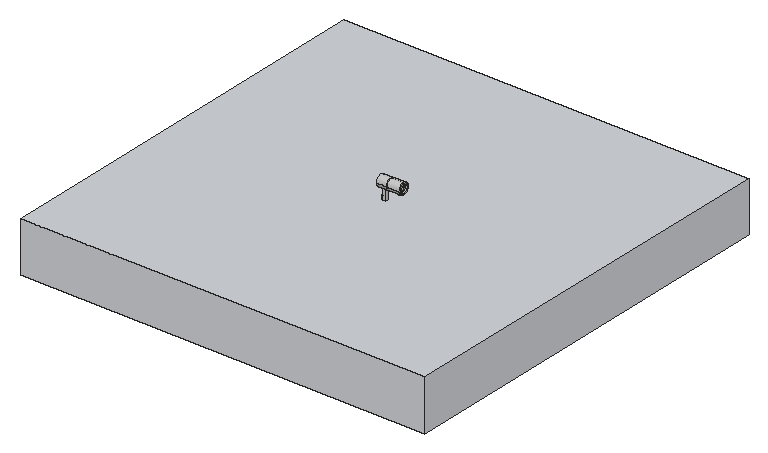
Revit family "LAMP_HANCE 48V 1000-2000 MEDIUM FLOOD DALI", category Luminarias, Revit 2015
Parameters (values of type "685LM 2700 MEDIUM FLOOD BLACK")
  Weight = 0.435 kg
  Type = "COB PHILIPS"
  Tilting angle [instance] = 90.00°
  Tilting [instance] = if(Tilting angle < 0.00°, 0.00°, if(Tilting angle > 90.00°, 90.00°, Tilting angle))  # 90.00°
  Rotation angle [instance] = 90.00°
  Protection rating = "IP20"
  Product datasheet = "http://www.lamp.es/product-files/TECH/HS1TL10MF827DBB-EN.pdf"
  Product code = "HS1TL10MF827DBB"
  Product URL = "https://www.lamp.es/en/family/hance-48v_195581"
  Power Supply = "48V DC"
  Power = 9 W
  Plum = 9.4 W
  Photometric web file = Cuerpo Hance 48V BASE 1000_2000 (tilting)_MF : 685LM 2700 MEDIUM FLOOD BLACK
  Modelo = Product code  # "HS1TL10MF827DBB"
  Model explanation = "Availability of tilting between 0º and 90º, rotation between 0º and 355º and change ring color when placed in a project."
  Material tija = LAMP_Aluminio Hance Negro
  Manufacturer name = "LAMP"
  Manufacturer country = "Spain"
  Manufacturer URL = "http://www.lamp.es/en"
  MacAdam = "3"
  Luminaire type = "Indoor - Spotlight"
  Last update = "02/04/2019"
  Lamp = "COB LED"
  LED Lifetime = "50.000 L90 B10"
  Insulation class = "III"
  Installation instructions = "https://www.lamp.es/product-files/INS/1004290-B-INSTR.%20DE%20MONTAJE%20HANCE%2048V.pdf"
  Initial intensity = 685 lm
  Initial color = 2700 K
  IEE = "A+"
  Height = 135 mm
  Gear = "Adjustable DALI"
  Finish = "RAL9011 textured"
  Fabricante = Manufacturer name  # "LAMP"
  Default Elevation = 1219.2 mm
  Efficacy = 73 lm/W
  Diameter = 65 mm
  Descripción = "HANCE TRACK 48 1000 VWW MFL DALI BK."
  Decorative ring [instance] = Aro decorativo 48V (tilting) (1000-2000) : Black
  Comentarios de tipo = Model explanation  # "Availability of tilting between 0º and 90º, rotation between 0º and 355º and change ring color when placed in a project."
  CRI = "80"
Types (12, lengths in mm): name | Product datasheet | Product code | Power | Plum | Photometric web file | Modelo | Material tija | LED Lifetime | Initial intensity | Initial color | Finish | Efficacy | Descripción
  685LM 2700 MEDIUM FLOOD BLACK | "http://www.lamp.es/product-files/TECH/HS1TL10MF827DBB-EN.pdf" | "HS1TL10MF827DBB" | 9 W | 9.4 W | Cuerpo Hance 48V BASE 1000_2000 (tilting)_MF : 685LM 2700 MEDIUM FLOOD BLACK | "HS1TL10MF827DBB" | LAMP_Aluminio Hance Negro | "50.000 L90 B10" | 685 lm | 2700 K | "RAL9011 textured" | 73 lm/W | "HANCE TRACK 48 1000 VWW MFL DALI BK."
  685LM 2700 MEDIUM FLOOD WHITE | "http://www.lamp.es/product-files/TECH/HS1TL10MF827DBW-EN.pdf" | "HS1TL10MF827DBW" | 9 W | 9.4 W | Cuerpo Hance 48V BASE 1000_2000 (tilting)_MF : 685LM 2700 MEDIUM FLOOD WHITE | "HS1TL10MF827DBW" | LAMP_Aluminio Hance Blanco | "50.000 L90 B10" | 685 lm | 2700 K | "RAL9010 textured" | 73 lm/W | "HANCE TRACK 48 1000 VWW MFL DALI WH."
  699LM 3000 MEDIUM FLOOD BLACK | "http://www.lamp.es/product-files/TECH/HS1TL10MF830DBB-EN.pdf" | "HS1TL10MF830DBB" | 9 W | 9.4 W | Cuerpo Hance 48V BASE 1000_2000 (tilting)_MF : 699LM 3000 MEDIUM FLOOD BLACK | "HS1TL10MF830DBB" | LAMP_Aluminio Hance Negro | "50.000 L90 B10" | 699 lm | 3000 K | "RAL9011 textured" | 74 lm/W | "HANCE TRACK 48 1000 WW MFL DALI BK."
  699LM 3000 MEDIUM FLOOD WHITE | "http://www.lamp.es/product-files/TECH/HS1TL10MF830DBW-EN.pdf" | "HS1TL10MF830DBW" | 9 W | 9.4 W | Cuerpo Hance 48V BASE 1000_2000 (tilting)_MF : 699LM 3000 MEDIUM FLOOD WHITE | "HS1TL10MF830DBW" | LAMP_Aluminio Hance Blanco | "50.000 L90 B10" | 699 lm | 3000 K | "RAL9010 textured" | 74 lm/W | "HANCE TRACK 48 1000 WW MFL DALI WH."
  740LM 4000 MEDIUM FLOOD BLACK | "http://www.lamp.es/product-files/TECH/HS1TL10MF840DBB-EN.pdf" | "HS1TL10MF840DBB" | 9 W | 9.4 W | Cuerpo Hance 48V BASE 1000_2000 (tilting)_MF : 740LM 4000 MEDIUM FLOOD BLACK | "HS1TL10MF840DBB" | LAMP_Aluminio Hance Negro | "50.000 L90 B10" | 740 lm | 4000 K | "RAL9011 textured" | 79 lm/W | "HANCE TRACK 48 1000 NW MFL DALI BK."
  740LM 4000 MEDIUM FLOOD WHITE | "http://www.lamp.es/product-files/TECH/HS1TL10MF840DBW-EN.pdf" | "HS1TL10MF840DBW" | 9 W | 9.4 W | Cuerpo Hance 48V BASE 1000_2000 (tilting)_MF : 740LM 4000 MEDIUM FLOOD WHITE | "HS1TL10MF840DBW" | LAMP_Aluminio Hance Blanco | "50.000 L90 B10" | 740 lm | 4000 K | "RAL9010 textured" | 79 lm/W | "HANCE TRACK 48 1000 NW MFL DALI WH."
  1487LM 2700 MEDIUM FLOOD BLACK | "http://www.lamp.es/product-files/TECH/HS1TL20MF827DBB-EN.pdf" | "HS1TL20MF827DBB" | 18 W | 16.9 W | Cuerpo Hance 48V BASE 1000_2000 (tilting)_MF : 1487LM 2700 MEDIUM FLOOD BLACK | "HS1TL20MF827DBB" | LAMP_Aluminio Hance Negro | "50.000 L80 B10" | 1487 lm | 2700 K | "RAL9011 textured" | 88 lm/W | "HANCE TRACK 48 2000 VWW MFL DALI BK."
  1487LM 2700 MEDIUM FLOOD WHITE | "http://www.lamp.es/product-files/TECH/HS1TL20MF827DBW-EN.pdf" | "HS1TL20MF827DBW" | 18 W | 16.9 W | Cuerpo Hance 48V BASE 1000_2000 (tilting)_MF : 1487LM 2700 MEDIUM FLOOD WHITE | "HS1TL20MF827DBW" | LAMP_Aluminio Hance Blanco | "50.000 L80 B10" | 1487 lm | 2700 K | "RAL9010 textured" | 88 lm/W | "HANCE TRACK 48 2000 VWW MFL DALI WH."
  1517LM 3000 MEDIUM FLOOD BLACK | "http://www.lamp.es/product-files/TECH/HS1TL20MF830DBB-EN.pdf" | "HS1TL20MF830DBB" | 18 W | 16.9 W | Cuerpo Hance 48V BASE 1000_2000 (tilting)_MF : 1517LM 3000 MEDIUM FLOOD BLACK | "HS1TL20MF830DBB" | LAMP_Aluminio Hance Negro | "50.000 L80 B10" | 1517 lm | 3000 K | "RAL9011 textured" | 90 lm/W | "HANCE TRACK 48 2000 WW MFL DALI BK."
  1517LM 3000 MEDIUM FLOOD WHITE | "http://www.lamp.es/product-files/TECH/HS1TL20MF830DBW-EN.pdf" | "HS1TL20MF830DBW" | 18 W | 16.9 W | Cuerpo Hance 48V BASE 1000_2000 (tilting)_MF : 1517LM 3000 MEDIUM FLOOD WHITE | "HS1TL20MF830DBW" | LAMP_Aluminio Hance Blanco | "50.000 L80 B10" | 1517 lm | 3000 K | "RAL9010 textured" | 90 lm/W | "HANCE TRACK 48 2000 WW MFL DALI WH."
  1607LM 4000 MEDIUM FLOOD BLACK | "http://www.lamp.es/product-files/TECH/HS1TL20MF840DBB-EN.pdf" | "HS1TL20MF840DBB" | 18 W | 16.9 W | Cuerpo Hance 48V BASE 1000_2000 (tilting)_MF : 1607LM 4000 MEDIUM FLOOD BLACK | "HS1TL20MF840DBB" | LAMP_Aluminio Hance Negro | "50.000 L80 B10" | 1607 lm | 4000 K | "RAL9011 textured" | 95 lm/W | "HANCE TRACK 48 2000 NW MFL DALI BK."
  1607LM 4000 MEDIUM FLOOD WHITE | "http://www.lamp.es/product-files/TECH/HS1TL20MF840DBW-EN.pdf" | "HS1TL20MF840DBW" | 18 W | 16.9 W | Cuerpo Hance 48V BASE 1000_2000 (tilting)_MF : 1607LM 4000 MEDIUM FLOOD WHITE | "HS1TL20MF840DBW" | LAMP_Aluminio Hance Blanco | "50.000 L80 B10" | 1607 lm | 4000 K | "RAL9010 textured" | 95 lm/W | "HANCE TRACK 48 2000 NW MFL DALI WH."
Reference planes
  plane 1 "Centro (Frontal/Posterior)": y = 0
  plane 2: z = 0
  plane 3 "Centro (Izquierda/Derecha)": x = 0
Forms (mm)
  Extrusion 1, solid
    sketch origin (0, 0, 0) x (1, 0, 0) y (0, 1, 0)
      loop
        line (-1219.2, 1219.2) -> (-1219.2, -1219.2) -> (1219.2, -1219.2) -> (1219.2, 1219.2) -> (-1219.2, 1219.2)
    from 0 to -304.8
Lines and regions (mm)
  reference lines
    curve 1: line (0, 0, 0) -> (35, 0, 0)
Text (mm)
  text "Any modification of the parameters and properties of the LAMP BIM models must be executed and validated by the LAMP technical department.\n\nPhone: +34 93 736 68 00\n\nE-mail: lamp@lamp.es\n\n\n\nLAMP reserves the right to modify the technical specifications of its products." at (-20834.097, 15882.061, -4447.286), in view "Preview"
Dimensions and locks
  "Rotation angle": angle curve 1 to plane 3 "Centro (Izquierda/Derecha)"
  aligned and locked: plane 2 to Extrusion 1
  aligned and locked: level to Extrusion 1
  aligned and locked: plane 3 "Centro (Izquierda/Derecha)" to curve 1
  aligned and locked: plane 1 "Centro (Frontal/Posterior)" to curve 1
Automatic sketch dimensions
  Extrusion 1 sketch curve to Extrusion 1 sketch curve = 2438.4 mm  (x2)
Nested families
  nested 1: "Tija 48V (1000-2000)" at (4.1, 0, 0), type "Tija 48V"
  nested 2: "Cuerpo Hance 48V BASE 1000_2000 (tilting)_MF" at (1.081, -1.967, 77.249) x (1, 0, 0) z (0, 0, -1), type <- "Photometric web file", type "685LM 2700 MEDIUM FLOOD BLACK"
  nested 3: "Aro decorativo 48V (tilting) (1000-2000)" at (57.856, 0, 77.274) x (0, 0, 1) z (1, 0, 0), type <- "Decorative ring", type "Black"
    with Tilting 0.00°
Definition of nested family "Tija 48V (1000-2000)"
  Parameters (values of type "Tija 48V")
    Profundidad tija = 18 mm
    Material tija = none
    Default Elevation = 1219.2 mm
    Diametro vaciado redondo = if(Anchura tija = 20 mm, 10 mm, 7.5 mm)  # 10 mm
    Anchura tija = 20 mm
    Profundo vaciado = if(Profundidad tija = 18 mm, 10.8 mm, 1 mm)  # 10.8 mm
    Ancho vaciado = Anchura tija  # 20 mm
    Altura tija = 88.5 mm
  Reference planes
    plane 1 "Centro (Frontal/Posterior)": y = 0
    plane 2: z = 0
    plane 3 "Centro (Izquierda/Derecha)": x = 0
  Forms (mm)
    Extrusion 1, solid
      sketch origin (0, 0, 0) x (1, 0, 0) y (0, 1, 0)
        loop
          line (-1219.2, 1219.2) -> (-1219.2, -1219.2) -> (1219.2, -1219.2) -> (1219.2, 1219.2) -> (-1219.2, 1219.2)
      from 0 to -304.8
    Extrusion 2, solid, material <- "Material tija"
      sketch origin (0, 0, -18) x (1, 0, 0) y (0, 0, 1)
        loop
          line (13.9, 18) -> (13.9, 106.5) -> (-6.297, 106.5)
          arc (-6.297, 106.5) -> (-12.297, 100.5) -> (-6.297, 94.5) r 6
          line (-6.297, 94.5) -> (-4.1, 94.5) -> (-4.1, 40) -> (-18.142, 40) -> (-18.142, 18) -> (-4.1, 18) -> (13.9, 18)
      from -10 to 10
    Extrusion 3, void
      sketch origin (10.8, -11.5, 0) x (-1, 0, 0) y (0, 1, 0)
        loop
          line (0, 21.5) -> (-28.341, 21.5) -> (-28.341, 1.5) -> (0, 1.5)
          arc (0, 1.5) -> (-1.264, 11.5) -> (0, 21.5) r 40.201
      from -132.265 to 0
    Extrusion 4, void
      sketch origin (27.648, 0, 0) x (1, 0, 0) y (0, 1, 0)
        loop
          line (-31.748, 10) -> (-31.748, 20) -> (-61.648, 20) -> (-61.648, -18.394) -> (-31.748, -18.394) -> (-31.748, -10)
          arc (-31.748, -10) -> (-41.748, 0) -> (-31.748, 10) r 10
      from 0 to 22
    Extrusion 5, void
      sketch origin (0, 0, 0) x (1, 0, 0) y (0, 0, 1)
        loop
          circle (-7.621, 82.5) r 3.125
        loop
          circle (-7.621, 46.9) r 3.125
      from -21.347 to 27.483
  Cuts and joins
    Extrusion 3, Extrusion 4, Extrusion 5 cuts Extrusion 2
  Lines and regions (mm)
    reference lines
      curve 1: line (10.8, -11.5, 0) -> (10.8, 11.5, 0)
  Dimensions and locks
    equal spacing: cut or joined group of Extrusion 2, Extrusion 3, Extrusion 4, Extrusion 5, plane 1 "Centro (Frontal/Posterior)", cut or joined group of Extrusion 2, Extrusion 3, Extrusion 4, Extrusion 5
    "Anchura tija": cut or joined group of Extrusion 2, Extrusion 3, Extrusion 4, Extrusion 5 to cut or joined group of Extrusion 2, Extrusion 3, Extrusion 4, Extrusion 5
    plane 1 "Centro (Frontal/Posterior)" to Extrusion 3 sketch curve = 10 mm
    "Altura tija": Extrusion 2 sketch curve to Extrusion 2 sketch curve
    "Profundidad tija": cut or joined group of Extrusion 2, Extrusion 3, Extrusion 4, Extrusion 5 to cut or joined group of Extrusion 2, Extrusion 3, Extrusion 4, Extrusion 5
    locked: cut or joined group of Extrusion 2, Extrusion 3, Extrusion 4, Extrusion 5 to plane 3 "Centro (Izquierda/Derecha)" at 4.1
    locked: plane 3 "Centro (Izquierda/Derecha)" to Extrusion 3 sketch curve at 39.141
    "Profundo vaciado": plane 3 "Centro (Izquierda/Derecha)" to curve 1
    "Ancho vaciado": Extrusion 3 sketch curve to Extrusion 3 sketch curve
    equal spacing: Extrusion 3 sketch curve, plane 1 "Centro (Frontal/Posterior)", Extrusion 3 sketch curve
    "Diametro vaciado redondo": radius of Extrusion 4 sketch curve
    aligned and locked: plane 2 to Extrusion 1
    aligned and locked: level to Extrusion 1
  Automatic sketch dimensions
    Extrusion 1 sketch curve to Extrusion 1 sketch curve = 2438.4 mm  (x2)
    Extrusion 5 sketch curve to plane 3 "Centro (Izquierda/Derecha)" = 7.621 mm  (x2)
    level to Extrusion 5 sketch curve = 46.9 mm
    Extrusion 5 sketch curve to Extrusion 5 sketch curve = 35.6 mm
    Extrusion 5 sketch curve to Extrusion 5 sketch curve = 3.125 mm  (x2)
    Extrusion 2 sketch curve to level = 0 mm
    Extrusion 2 sketch curve to plane 3 "Centro (Izquierda/Derecha)" = 18.142 mm
    Extrusion 2 sketch curve to plane 3 "Centro (Izquierda/Derecha)" = 6.297 mm
    Extrusion 2 sketch curve to plane 3 "Centro (Izquierda/Derecha)" = 4.1 mm  (x2)
    plane 3 "Centro (Izquierda/Derecha)" to Extrusion 2 sketch curve = 13.9 mm
    level to Extrusion 2 sketch curve = 22 mm
    Extrusion 2 sketch curve to Extrusion 2 sketch curve = 12 mm
    plane 1 "Centro (Frontal/Posterior)" to curve 1 = 11.5 mm
    curve 1 to plane 1 "Centro (Frontal/Posterior)" = 11.5 mm
    Extrusion 3 sketch curve to curve 1 = 0 mm  (x2)
    curve 1 to Extrusion 3 sketch curve = 38.937 mm
    plane 1 "Centro (Frontal/Posterior)" to Extrusion 4 sketch curve = 0 mm
    Extrusion 4 sketch curve to plane 3 "Centro (Izquierda/Derecha)" = 34 mm
    Extrusion 4 sketch curve to plane 3 "Centro (Izquierda/Derecha)" = 4.1 mm
    plane 1 "Centro (Frontal/Posterior)" to Extrusion 4 sketch curve = 18.394 mm
    Extrusion 4 sketch curve to Extrusion 4 sketch curve = 10 mm
Definition of nested family "Cuerpo Hance 48V BASE 1000_2000 (tilting)_MF"
  Parameters (values of type "685LM 2700 MEDIUM FLOOD BLACK")
    Tilting = 90.00°
    Photometric web file = Cuerpo Hance 48V BASE 1000_2000_MF : 685LM 2700 MEDIUM FLOOD BLACK
    Longitud cuerpo = 135 mm
    Default Elevation = 1219.2 mm
  Types (13, lengths in mm): name | Photometric web file
    (no name) | Cuerpo Hance 48V BASE 1000_2000_MF : 685LM 2700 MEDIUM FLOOD BLACK
    685LM 2700 MEDIUM FLOOD BLACK | Cuerpo Hance 48V BASE 1000_2000_MF : 685LM 2700 MEDIUM FLOOD BLACK
    685LM 2700 MEDIUM FLOOD WHITE | Cuerpo Hance 48V BASE 1000_2000_MF : 685LM 2700 MEDIUM FLOOD WHITE
    699LM 3000 MEDIUM FLOOD BLACK | Cuerpo Hance 48V BASE 1000_2000_MF : 699LM 3000 MEDIUM FLOOD BLACK
    699LM 3000 MEDIUM FLOOD WHITE | Cuerpo Hance 48V BASE 1000_2000_MF : 699LM 3000 MEDIUM FLOOD WHITE
    740LM 4000 MEDIUM FLOOD BLACK | Cuerpo Hance 48V BASE 1000_2000_MF : 740LM 4000 MEDIUM FLOOD BLACK
    740LM 4000 MEDIUM FLOOD WHITE | Cuerpo Hance 48V BASE 1000_2000_MF : 740LM 4000 MEDIUM FLOOD WHITE
    1487LM 2700 MEDIUM FLOOD BLACK | Cuerpo Hance 48V BASE 1000_2000_MF : 1487LM 2700 MEDIUM FLOOD BLACK
    1487LM 2700 MEDIUM FLOOD WHITE | Cuerpo Hance 48V BASE 1000_2000_MF : 1487LM 2700 MEDIUM FLOOD WHITE
    1517LM 3000 MEDIUM FLOOD BLACK | Cuerpo Hance 48V BASE 1000_2000_MF : 1517LM 3000 MEDIUM FLOOD BLACK
    1517LM 3000 MEDIUM FLOOD WHITE | Cuerpo Hance 48V BASE 1000_2000_MF : 1517LM 3000 MEDIUM FLOOD WHITE
    1607LM 4000 MEDIUM FLOOD BLACK | Cuerpo Hance 48V BASE 1000_2000_MF : 1607LM 4000 MEDIUM FLOOD BLACK
    1607LM 4000 MEDIUM FLOOD WHITE | Cuerpo Hance 48V BASE 1000_2000_MF : 1607LM 4000 MEDIUM FLOOD WHITE
  Reference planes
    plane 1 "Centro (Frontal/Posterior)": y = 0
    plane 2: z = 0
    plane 3 "Centro (Izquierda/Derecha)": x = 0
  Lines and regions (mm)
    reference lines
      curve 1: line (0, 0, 0) -> (200, 0, 0)
  Dimensions and locks
    "Tilting": angle plane 3 "Centro (Izquierda/Derecha)" to curve 1
    aligned and locked: level to plane 2
    aligned and locked: plane 3 "Centro (Izquierda/Derecha)" to curve 1
    aligned and locked: plane 2 to curve 1
  Nested families
    nested 1: "Cuerpo Hance 48V BASE 1000_2000_MF" at (21.857, -1.967, 11.25), type <- "Photometric web file", type "685LM 2700 MEDIUM FLOOD BLACK"
  Definition of nested family "Cuerpo Hance 48V BASE 1000_2000_MF"
    Parameters (values of type "685LM 2700 MEDIUM FLOOD BLACK")
      Tilt Angle = 90.00° + Tilting  # 180.00°
      Wattage = 9.4 W
      Tilting = 90.00°
      built-in parameter 1150107 = 2700 (stored number, unit not read)
      Radio vacio posterior = Radio cuerpo - 2.2 mm  # 30.3 mm
      Radio vaciado = Radio cuerpo - 1.5 mm  # 31 mm
      Radio optica = if(Radio cuerpo = 20 mm, 10 mm, 23 mm)  # 23 mm
      Radio cuerpo = if(Longitud cuerpo = 78 mm, 20 mm, 32.5 mm)  # 32.5 mm
      built-in parameter 1150110 = 1 (stored number, unit not read)
      built-in parameter 1150109 = 1 (stored number, unit not read)
      built-in parameter 1150112 = 1 (stored number, unit not read)
      built-in parameter 1150113 = 1 (stored number, unit not read)
      built-in parameter 1114218 = 1 (stored number, unit not read)
      built-in parameter 1150137 = (empty or 0)
      built-in parameter 1150132 = 2
      Material reflector = none
      Material optica = none
      Material cuerpo = none
      Material COB = none
      Longitud cuerpo = 135 mm
      Long. origen luz = if(Longitud cuerpo = 78 mm, 20 mm, 77 mm)  # 77 mm
      L_2 = if(Ancho disipador posterior = 32 mm, 9.5 mm, 21 mm)  # 21 mm
      L_1 = if(Ancho disipador posterior = 32 mm, 13 mm, 27 mm)  # 27 mm
      built-in parameter 1150105 = 3804 (stored number, unit not read)
      built-in parameter 1150102 = (empty or 0)
      built-in parameter 1150106 = 38.04 (stored number, unit not read)
      Lumens = 686.2 lm
      Color Filter = 16777215
      built-in parameter 1114217 = 1 (stored number, unit not read)
      built-in parameter 1150139 = (empty or 0)
      Default Elevation = 1219.2 mm
      built-in parameter 1150104 = 6.7819 (stored number, unit not read)
      Efficacy = 73 lm/W
      Diametro aro = if(Radio cuerpo = 20 mm, 17.9 mm, 30.4 mm)  # 30.4 mm
      built-in parameter 1150115 = 1 (stored number, unit not read)
      built-in parameter 1150114 = 1 (stored number, unit not read)
      built-in parameter 1150138 = (empty or 0)
      built-in parameter 1150134 = (empty or 0)
      Dimming Lamp Color Temperature Shift = (empty or 0)
      Photometric Web File = "HS1TL10MF827NBB.IES"
      Ancho vaciado reflector = Ancho reflector - 1 mm  # 23 mm
      Ancho reflector = 24 mm
      Ancho disipador posterior = if(Radio cuerpo = 20 mm, 32 mm, 57 mm)  # 57 mm
      built-in parameter 1150133 = 10 (stored number, unit not read)
      Altura disipador superior = if(Radio cuerpo = 20 mm, 44.3 mm, 45.3 mm)  # 45.3 mm
      Ancho disipador superior = if(Radio cuerpo = 20 mm, 16.8 mm, 22.6 mm)  # 22.6 mm
    Types (12, lengths in mm): name | Wattage | built-in parameter 1150107 | built-in parameter 1150105 | built-in parameter 1150106 | Lumens | built-in parameter 1150104 | Efficacy | built-in parameter 1150134 | Photometric Web File
      685LM 2700 MEDIUM FLOOD BLACK | 9.4 W | 2700 (stored number, unit not read) | 3804 (stored number, unit not read) | 38.04 (stored number, unit not read) | 686.2 lm | 6.7819 (stored number, unit not read) | 73 lm/W | (empty or 0) | "HS1TL10MF827NBB.IES"
      685LM 2700 MEDIUM FLOOD WHITE | 9.4 W | 2700 (stored number, unit not read) | 3804 (stored number, unit not read) | 38.04 (stored number, unit not read) | 686.2 lm | 6.7819 (stored number, unit not read) | 73 lm/W | (empty or 0) | "HS1TL10MF827NBW.IES"
      699LM 3000 MEDIUM FLOOD BLACK | 9.4 W | 3000 (stored number, unit not read) | 2583.5 (stored number, unit not read) | 25.835 (stored number, unit not read) | 695.6 lm | 6.8748 (stored number, unit not read) | 74 lm/W | (empty or 0) | "HS1TL10MF830NBB.IES"
      699LM 3000 MEDIUM FLOOD WHITE | 9.4 W | 3000 (stored number, unit not read) | 2583.5 (stored number, unit not read) | 25.835 (stored number, unit not read) | 695.6 lm | 6.8748 (stored number, unit not read) | 74 lm/W | (empty or 0) | "HS1TL10MF830NBW.IES"
      740LM 4000 MEDIUM FLOOD BLACK | 9.4 W | 4000 (stored number, unit not read) | 2758 (stored number, unit not read) | 27.58 (stored number, unit not read) | 742.6 lm | 7.3393 (stored number, unit not read) | 79 lm/W | 12 | "HS1TL10MF840NBB.IES"
      740LM 4000 MEDIUM FLOOD WHITE | 9.4 W | 4000 (stored number, unit not read) | 2758 (stored number, unit not read) | 27.58 (stored number, unit not read) | 742.6 lm | 7.3393 (stored number, unit not read) | 79 lm/W | 12 | "HS1TL10MF840NBW.IES"
      1487LM 2700 MEDIUM FLOOD BLACK | 16.9 W | 2700 (stored number, unit not read) | 5523.5 (stored number, unit not read) | 55.235 (stored number, unit not read) | 1487.2 lm | 8.1755 (stored number, unit not read) | 88 lm/W | (empty or 0) | "HS1TL20MF827NBB.IES"
      1487LM 2700 MEDIUM FLOOD WHITE | 16.9 W | 2700 (stored number, unit not read) | 5523.5 (stored number, unit not read) | 55.235 (stored number, unit not read) | 1487.2 lm | 8.1755 (stored number, unit not read) | 88 lm/W | (empty or 0) | "HS1TL20MF827NBW.IES"
      1517LM 3000 MEDIUM FLOOD BLACK | 16.9 W | 3000 (stored number, unit not read) | 5271.9 (stored number, unit not read) | 52.719 (stored number, unit not read) | 1521 lm | 8.3613 (stored number, unit not read) | 90 lm/W | (empty or 0) | "HS1TL20MF830NBB.IES"
      1517LM 3000 MEDIUM FLOOD WHITE | 16.9 W | 3000 (stored number, unit not read) | 5271.9 (stored number, unit not read) | 52.719 (stored number, unit not read) | 1521 lm | 8.3613 (stored number, unit not read) | 90 lm/W | (empty or 0) | "HS1TL20MF830NBW.IES"
      1607LM 4000 MEDIUM FLOOD BLACK | 16.9 W | 4000 (stored number, unit not read) | 5564.8 (stored number, unit not read) | 55.648 (stored number, unit not read) | 1605.5 lm | 8.8258 (stored number, unit not read) | 95 lm/W | 12 | "HS1TL20MF840NBB.IES"
      1607LM 4000 MEDIUM FLOOD WHITE | 16.9 W | 4000 (stored number, unit not read) | 5564.8 (stored number, unit not read) | 55.648 (stored number, unit not read) | 1605.5 lm | 8.8258 (stored number, unit not read) | 95 lm/W | 12 | "HS1TL20MF840NBW.IES"
    Reference planes
      plane 1 "Centro (Frontal/Posterior)": y = 0
      plane 2: z = 0
      plane 3 "Centro (Izquierda/Derecha)": x = 0
    Forms (mm)
      Extrusion 1, solid, material <- "Material cuerpo"
        sketch origin (0, 0, 0) x (0, -1, 0) y (0, 0, 1)
          loop
            circle (0, -27.875) r 32.5
        from -93 to 42
      Extrusion 2, void
        sketch origin (0, 0, 0) x (0, 1, 0) y (0, 0, 1)
          loop
            line (11.3, 30) -> (-11.3, 30) -> (-11.3, -15.3)
            arc (-11.3, -15.3) -> (0, -16.149) -> (11.3, -15.3) r 75.643
            line (11.3, -15.3) -> (11.3, 30)
        from -42 to -9.283
      Extrusion 3, void
        sketch origin (0, 0, 0) x (0, 1, 0) y (0, 0, 1)
          loop
            circle (0, -27.875) r 30.3
        from -42 to -41
      Extrusion 4, void
        sketch origin (0, 0, 0) x (0, 1, 0) y (0, 0, 1)
          loop
            line (28.5, -26.291) -> (-28.5, -26.291)
            arc (-28.5, -26.291) -> (-29.7, -27.491) -> (-28.5, -28.691) r 1.2
            line (-28.5, -28.691) -> (28.5, -28.691)
            arc (28.5, -28.691) -> (29.7, -27.491) -> (28.5, -26.291) r 1.2
          loop
            line (28.115, -30.891) -> (-28.115, -30.891)
            arc (-28.115, -30.891) -> (-29.315, -32.091) -> (-28.115, -33.291) r 1.2
            line (-28.115, -33.291) -> (28.115, -33.291)
            arc (28.115, -33.291) -> (29.315, -32.091) -> (28.115, -30.891) r 1.2
          loop
            line (27, -35.404) -> (-25.984, -35.404)
            arc (-25.984, -35.404) -> (-27.184, -36.604) -> (-25.984, -37.804) r 1.2
            line (-25.984, -37.804) -> (27, -37.804)
            arc (27, -37.804) -> (28.2, -36.604) -> (27, -35.404) r 1.2
          loop
            line (21, -39.58) -> (-21.697, -39.58)
            arc (-21.697, -39.58) -> (-22.897, -40.78) -> (-21.697, -41.98) r 1.2
            line (-21.697, -41.98) -> (21, -41.98)
            arc (21, -41.98) -> (22.2, -40.78) -> (21, -39.58) r 1.2
        from -42 to -38.7
      Extrusion 5, void
        sketch origin (0, 0, 0) x (-1, 0, 0) y (0, -1, 0)
          loop
            line (37.7, -6.3) -> (37.7, 6.3)
            arc (37.7, 6.3) -> (36.6, 7.4) -> (35.5, 6.3) r 1.1
            line (35.5, 6.3) -> (35.5, -6.3)
            arc (35.5, -6.3) -> (36.6, -7.4) -> (37.7, -6.3) r 1.1
          loop
            line (28.9, -6.3) -> (28.9, 6.3)
            arc (28.9, 6.3) -> (27.8, 7.4) -> (26.7, 6.3) r 1.1
            line (26.7, 6.3) -> (26.7, -6.3)
            arc (26.7, -6.3) -> (27.8, -7.4) -> (28.9, -6.3) r 1.1
          loop
            line (20.1, -6.3) -> (20.1, 6.3)
            arc (20.1, 6.3) -> (19, 7.4) -> (17.9, 6.3) r 1.1
            line (17.9, 6.3) -> (17.9, -6.3)
            arc (17.9, -6.3) -> (19, -7.4) -> (20.1, -6.3) r 1.1
        from -18.74 to 30
      Extrusion 6, void
        sketch origin (0, 0, 0) x (-1, 0, 0) y (0, -1, 0)
          loop
            line (33.3, -6.3) -> (33.3, 6.3)
            arc (33.3, 6.3) -> (32.2, 7.4) -> (31.1, 6.3) r 1.1
            line (31.1, 6.3) -> (31.1, -6.3)
            arc (31.1, -6.3) -> (32.2, -7.4) -> (33.3, -6.3) r 1.1
          loop
            line (24.5, -6.3) -> (24.5, 6.3)
            arc (24.5, 6.3) -> (23.4, 7.4) -> (22.3, 6.3) r 1.1
            line (22.3, 6.3) -> (22.3, -6.3)
            arc (22.3, -6.3) -> (23.4, -7.4) -> (24.5, -6.3) r 1.1
        from -16.455 to 30
      Extrusion 7, void
        sketch origin (0, 0, 0) x (0, 1, 0) y (0, 0, 1)
          loop
            circle (0, -27.875) r 31
        from 17.213 to 93
      Extrusion 8, solid, material <- "Material COB"
        sketch origin (0, 0, 0) x (0, -1, 0) y (0, 0, 1)
          loop
            circle (0, -27.875) r 7.733
        from -75.2 to -74.213
      Revolve 9, solid, material <- "Material reflector"
        sketch origin (0, 0, 0) x (1, 0, 0) y (0, 0, 1)
          loop
            line (79.5, -3.875) -> (74.213, -6.142) -> (73.213, -6.57) -> (73.213, -27.875) -> (74.213, -27.875) -> (74.213, -20.142) -> (75.2, -20.142) -> (79.5, -4.875) -> (79.5, -3.875)
          axis (73.213, -27.875) -> (79.5, -27.875)
        angle from 0 to 360
    Cuts and joins
      Extrusion 2, Extrusion 3, Extrusion 4, Extrusion 5, Extrusion 6, Extrusion 7 cuts Extrusion 1
    Lines and regions (mm)
      reference lines
        curve 1: line (0, 0, 0) -> (178.042, 0, 0)
        curve 2: line (36, 0, -27.875) -> (113, 0, -27.875)
        curve 3: line (0, 0, 0) -> (0, 0, -75)
        curve 4: line (36, 0, -22.875) -> (36, 0, -32.875)
    Text (mm)
      text "Any modification of the parameters and properties of the LAMP BIM models must be executed and validated by the LAMP technical department.\n\nPhone: +34 93 736 68 00\n\nE-mail: lamp@lamp.es\n\n\n\nLAMP reserves the right to modify the technical specifications of its products." at (97482.136, -81600.41, 57308.082), in view "Preview"
    Dimensions and locks
      "Longitud cuerpo": cut or joined group of Extrusion 1, Extrusion 2, Extrusion 3, Extrusion 4, Extrusion 5, Extrusion 6, Extrusion 7 to cut or joined group of Extrusion 1, Extrusion 2, Extrusion 3, Extrusion 4, Extrusion 5, Extrusion 6, Extrusion 7
      locked: cut or joined group of Extrusion 1, Extrusion 2, Extrusion 3, Extrusion 4, Extrusion 5, Extrusion 6, Extrusion 7 to curve 3 at 42
      "Long. origen luz": curve 4 to curve 2
      equal spacing: Extrusion 4 sketch curve, plane 1 "Centro (Frontal/Posterior)", Extrusion 4 sketch curve
      "Ancho disipador posterior": Extrusion 4 sketch curve to Extrusion 4 sketch curve
      "L_1": Extrusion 4 sketch curve to plane 1 "Centro (Frontal/Posterior)"
      "L_2": Extrusion 4 sketch curve to curve 3
      equal spacing: Extrusion 2 sketch curve, plane 1 "Centro (Frontal/Posterior)", Extrusion 2 sketch curve
      "Ancho disipador superior": Extrusion 2 sketch curve to Extrusion 2 sketch curve
      "Altura disipador superior": Extrusion 2 sketch curve to Extrusion 2 sketch curve
      locked: plane 2 to Extrusion 2 sketch curve at 30
      locked: Extrusion 8 to Extrusion 8 at 0.987
      locked: cut or joined group of Extrusion 1, Extrusion 2, Extrusion 3, Extrusion 4, Extrusion 5, Extrusion 6, Extrusion 7 to Extrusion 8 at 17.8
      "Ancho reflector": Revolve 9 sketch curve to imposter light
      locked: Revolve 9 to cut or joined group of Extrusion 1, Extrusion 2, Extrusion 3, Extrusion 4, Extrusion 5, Extrusion 6, Extrusion 7 at 13.5
      "Radio cuerpo": radius of Extrusion 1 sketch curve
      "Radio vaciado": radius of Extrusion 7 sketch curve
      "Radio vacio posterior": radius of Extrusion 3 sketch curve
      "Tilting": angle plane 3 "Centro (Izquierda/Derecha)" to curve 1
      aligned and locked: level to plane 2
      aligned and locked: imposter light to curve 2  (x2)
      aligned and locked: cut or joined group of Extrusion 1, Extrusion 2, Extrusion 3, Extrusion 4, Extrusion 5, Extrusion 6, Extrusion 7 to cut or joined group of Extrusion 1, Extrusion 2, Extrusion 3, Extrusion 4, Extrusion 5, Extrusion 6, Extrusion 7
    Automatic sketch dimensions
      Extrusion 8 sketch curve to plane 1 "Centro (Frontal/Posterior)" = 0 mm
      curve 1 to Extrusion 5 sketch curve = 17.9 mm
      Extrusion 5 sketch curve to Extrusion 5 sketch curve = 1.1 mm  (x3)
      Extrusion 5 sketch curve to Extrusion 5 sketch curve = 6.6 mm  (x2)
      Extrusion 5 sketch curve to curve 1 = 6.3 mm  (x3)
      curve 1 to Extrusion 5 sketch curve = 6.3 mm  (x3)
      Extrusion 6 sketch curve to curve 1 = 6.3 mm  (x2)
      curve 1 to Extrusion 6 sketch curve = 22.3 mm
      Extrusion 6 sketch curve to Extrusion 6 sketch curve = 1.1 mm  (x2)
      Extrusion 6 sketch curve to Extrusion 6 sketch curve = 6.6 mm
      curve 1 to Extrusion 6 sketch curve = 6.3 mm
      Extrusion 6 sketch curve to Extrusion 6 sketch curve = 0 mm
      Extrusion 1 sketch curve to plane 1 "Centro (Frontal/Posterior)" = 0 mm
      Extrusion 1 sketch curve to level = 27.875 mm
      Extrusion 2 sketch curve to plane 1 "Centro (Frontal/Posterior)" = 0 mm
      Extrusion 2 sketch curve to Extrusion 2 sketch curve = 29.494 mm
      Extrusion 3 sketch curve to plane 1 "Centro (Frontal/Posterior)" = 0 mm
      Extrusion 3 sketch curve to level = 27.875 mm
      Extrusion 4 sketch curve to Extrusion 4 sketch curve = 0.385 mm  (x2)
      Extrusion 4 sketch curve to Extrusion 4 sketch curve = 2.132 mm
      Extrusion 4 sketch curve to Extrusion 4 sketch curve = 4.287 mm
      Extrusion 4 sketch curve to level = 41.98 mm
      Extrusion 4 sketch curve to Extrusion 4 sketch curve = 1.2 mm  (x4)
      Extrusion 4 sketch curve to Extrusion 4 sketch curve = 1.776 mm
      Extrusion 4 sketch curve to Extrusion 4 sketch curve = 2.113 mm
      Extrusion 4 sketch curve to Extrusion 4 sketch curve = 2.2 mm
      Extrusion 7 sketch curve to plane 1 "Centro (Frontal/Posterior)" = 0 mm
      Extrusion 7 sketch curve to level = 27.875 mm
      curve 1 to level = 0 mm
      curve 1 to plane 3 "Centro (Izquierda/Derecha)" = 0 mm
      curve 3 to curve 1 = 0 mm  (x2)
      curve 3 to curve 1 = 75 mm
      curve 1 to curve 4 = 36 mm
      curve 1 to curve 4 = 32.875 mm
      curve 1 to curve 2 = 27.875 mm
      curve 2 to curve 4 = 5 mm
      Revolve 9 sketch curve to level = 6.57 mm
      plane 3 "Centro (Izquierda/Derecha)" to Revolve 9 sketch curve = 73.213 mm
      Revolve 9 sketch curve to level = 6.142 mm
      Revolve 9 sketch curve to Revolve 9 sketch curve = 1 mm  (x3)
      Revolve 9 sketch curve to level = 20.142 mm
      Revolve 9 sketch curve to Revolve 9 sketch curve = 0.987 mm
      Revolve 9 sketch curve to Revolve 9 sketch curve = 5.287 mm
      Revolve 9 sketch curve to Revolve 9 sketch curve = 7.733 mm
      Revolve 9 sketch curve to Revolve 9 sketch curve = 0 mm  (x2)
      Revolve 9 sketch curve to Revolve 9 sketch curve = 18.787 mm
      radius of Extrusion 8 sketch curve = 7.733 mm
Definition of nested family "Aro decorativo 48V (tilting) (1000-2000)"
  Parameters (values of type "Copper")
    Weight (1000/2000) = 0.01 kg
    Weight (500) = 0.004 kg
    Tilting = 90.00°
    Product datasheet = ""
    Product code (1000/2000) = "HSRI65C"
    Product code (500) = "HSRI40C"
    Product URL = ""
    Model = ""
    Material aro secundario = none
    Material aro = none
    Manufacturer name = "LAMP"
    Manufacturer country = "Spain"
    Manufacturer URL = "http://www.lamp.es/en"
    Longitud = 47.9 mm
    Last update = "18/03/2019"
    Installation instructions = ""
    Finish = "Metalized matt copper"
    Manufacturer = Manufacturer name  # "LAMP"
    Default Elevation = 1219.2 mm
    Diameter (1000/2000) = 65 mm
    Diameter (500) = 40 mm
    Description = ""
    Accessory Type = "Optic"
    1000/2000 Model = "HSRI65C"
    1000/2000 Description = "HANCE 1000/2000 ACC. RING DECO CO."
    500 Model = "HSRI40C"
    500 Description = "HANCE 500 ACC. RING DECO CO."
  Types (5, lengths in mm): name | Product code (1000/2000) | Product code (500) | Finish | 1000/2000 Model | 1000/2000 Description | 500 Model | 500 Description
    (no name) | "HSRI65C" | "HSRI40C" | "Metalized matt copper" | "HSRI65C" | "HANCE 1000/2000 ACC. RING DECO CO." | "HSRI40C" | "HANCE 500 ACC. RING DECO CO."
    Black | "" | "" | "Matt black" | "" | "" | "" | ""
    Copper | "HSRI65C" | "HSRI40C" | "Metalized matt copper" | "HSRI65C" | "HANCE 1000/2000 ACC. RING DECO CO." | "HSRI40C" | "HANCE 500 ACC. RING DECO CO."
    Grey | "HSRI65M" | "HSRI40M" | "Metalized matt silver" | "HSRI65M" | "HANCE 1000/2000 ACC. RING DECO MET." | "HSRI40M" | "HANCE 500 ACC. RING DECO MET."
    White | "HSRI65W" | "HSRI40W" | "Matt black" | "HSRI65W" | "HANCE 1000/2000 ACC. RING DECO WH." | "HSRI40W" | "HANCE 500 ACC. RING DECO WH."
  Reference planes
    plane 1 "Centro (Frontal/Posterior)": y = 0
    plane 2: z = 0
    plane 3 "Centro (Izquierda/Derecha)": x = 0
  Lines and regions (mm)
    reference lines
      curve 1: line (0, 0, 0) -> (0, 0, -16.564)
      curve 2: line (0, 0, -16.564) -> (47.89, 0, -16.564)
  Text (mm)
    text "Any modification of the parameters and properties of the LAMP BIM models must be executed and validated by the LAMP technical department.\n\nPhone: +34 93 736 68 00\n\nE-mail: lamp@lamp.es\n\n\n\nLAMP reserves the right to modify the technical specifications of its products." at (86527.204, -96597.187, 50741.736), in view "Preview"
  Dimensions and locks
    "Tilting": angle curve 1 to plane 2
    aligned and locked: level to plane 2
    aligned and locked: plane 3 "Centro (Izquierda/Derecha)" to curve 1
    aligned and locked: plane 2 to curve 1
  Automatic sketch dimensions
    curve 2 to curve 1 = 0 mm
    curve 1 to curve 2 = 0 mm
    curve 1 to curve 2 = 47.89 mm
  Nested families
    nested 1: "Aro decorativo 48V (1000-2000)" at (-0.01, 0, 0), type "Copper"
  Definition of nested family "Aro decorativo 48V (1000-2000)"
    Parameters (values of type "Copper")
      Weight (1000/2000) = 0.01 kg
      Weight (500) = 0.004 kg
      Product datasheet = ""
      Product code (1000/2000) = "HSRI65C"
      Product code (500) = "HSRI40C"
      Product URL = ""
      Model = ""
      Material aro secundario = none
      Material aro = none
      Manufacturer name = "LAMP"
      Manufacturer country = "Spain"
      Manufacturer URL = "http://www.lamp.es/en"
      Longitud = 47.9 mm
      Last update = "18/03/2019"
      Installation instructions = ""
      Finish = "Metalized matt copper"
      Manufacturer = Manufacturer name  # "LAMP"
      Radio vaciado aro interior = 24.921 mm
      Radio vaciado aro exterior = 30 mm
      Radio aro interior = 25.985 mm
      Radio aro exterior = 31 mm
      Default Elevation = 1219.2 mm
      Diameter (1000/2000) = 65 mm
      Diameter (500) = 40 mm
      Description = ""
      Accessory Type = "Optic"
      1000/2000 Model = "HSRI65C"
      1000/2000 Description = "HANCE 1000/2000 ACC. RING DECO CO."
      500 Description = "HANCE 500 ACC. RING DECO CO."
      500 Model = "HSRI40C"
    Types (5, lengths in mm): name | Product code (1000/2000) | Product code (500) | Finish | Radio vaciado aro interior | Radio aro interior | 1000/2000 Model | 1000/2000 Description | 500 Description | 500 Model
      (no name) | "HSRI65C" | "HSRI40C" | "Metalized matt copper" | 24.921 | 25.985 | "HSRI65C" | "HANCE 1000/2000 ACC. RING DECO CO." | "HANCE 500 ACC. RING DECO CO." | "HSRI40C"
      Black | "" | "" | "Matt black" | 24.9 | 26 | "" | "" | "" | ""
      Copper | "HSRI65C" | "HSRI40C" | "Metalized matt copper" | 24.921 | 25.985 | "HSRI65C" | "HANCE 1000/2000 ACC. RING DECO CO." | "HANCE 500 ACC. RING DECO CO." | "HSRI40C"
      Grey | "HSRI65M" | "HSRI40M" | "Metalized matt silver" | 24.9 | 26 | "HSRI65M" | "HANCE 1000/2000 ACC. RING DECO MET." | "HANCE 500 ACC. RING DECO MET." | "HSRI40M"
      White | "HSRI65W" | "HSRI40W" | "Matt white" | 24.9 | 26 | "HSRI65W" | "HANCE 1000/2000 ACC. RING DECO WH." | "HANCE 500 ACC. RING DECO WH." | "HSRI40W"
    Reference planes
      plane 1 "Centro (Frontal/Posterior)": y = 0
      plane 2: z = 0
      plane 3 "Centro (Izquierda/Derecha)": x = 0
    Forms (mm)
      Revolve 1, solid, material <- "Material aro"
        sketch origin (0, 0, -16.6) x (1, 0, 0) y (0, 0, 1)
          loop
            line (46.082, 0) -> (58.082, 0) -> (58.082, 31) -> (46.082, 25.921) -> (46.082, 0)
          axis (58.082, 0) -> (46.082, 0)
        angle from 0 to 360
      Revolve 2, void
        sketch origin (0, 0, -16.6) x (1, 0, 0) y (0, 0, 1)
          loop
            line (58.082, 30) -> (46.082, 24.921) -> (46.082, 0) -> (58.082, 0) -> (58.082, 30)
          axis (46.082, 0) -> (58.082, 0)
        angle from 0 to 360
      Revolve 3, solid, material <- "Material aro secundario"
        sketch origin (0, 0, 0) x (1, 0, 0) y (0, 0, 1)
          loop
            line (46.082, -16.6) -> (46.082, 9.321) -> (42.782, 7.294) -> (42.782, -16.6) -> (46.082, -16.6)
          axis (42.782, -16.6) -> (46.082, -16.6)
        angle from 0 to 360
      Revolve 4, void
        sketch origin (0, 0, 0) x (1, 0, 0) y (0, 0, 1)
          loop
            line (42.782, -16.6) -> (46.082, -16.6) -> (46.082, 8.321) -> (42.782, 6.294) -> (42.782, -16.6)
          axis (42.782, -16.6) -> (46.082, -16.6)
        angle from 0 to 360
    Cuts and joins
      Revolve 2 cuts Revolve 1
      Revolve 4 cuts Revolve 3
    Lines and regions (mm)
      reference lines
        curve 1: line (0, 0, -16.6) -> (47.9, 0, -16.6)
    Text (mm)
      text "Any modification of the parameters and properties of the LAMP BIM models must be executed and validated by the LAMP technical department.\n\nPhone: +34 93 736 68 00\n\nE-mail: lamp@lamp.es\n\n\n\nLAMP reserves the right to modify the technical specifications of its products." at (91886.357, -93022.329, 47898.266), in view "Preview"
    Dimensions and locks
      "Radio aro exterior": Revolve 1 sketch curve to Revolve 1 sketch curve
      "Radio vaciado aro exterior": Revolve 2 sketch curve to Revolve 2 sketch curve
      "Longitud": curve 1 to plane 3 "Centro (Izquierda/Derecha)"
      "Radio aro interior": Revolve 1 sketch curve to Revolve 1 sketch curve
      "Radio vaciado aro interior": Revolve 2 sketch curve to Revolve 2 sketch curve
      aligned and locked: level to plane 2
    Automatic sketch dimensions
      Revolve 3 sketch curve to plane 3 "Centro (Izquierda/Derecha)" = 0 mm
      Revolve 3 sketch curve to level = 16.6 mm
      plane 3 "Centro (Izquierda/Derecha)" to Revolve 3 sketch curve = 42.782 mm
      Revolve 3 sketch curve to Revolve 3 sketch curve = 3.3 mm
      level to Revolve 3 sketch curve = 7.294 mm
      Revolve 3 sketch curve to Revolve 3 sketch curve = 1.818 mm
      Revolve 3 sketch curve to Revolve 3 sketch curve = 0 mm
      Revolve 3 sketch curve to Revolve 3 sketch curve = 2.027 mm
      Revolve 4 sketch curve to plane 3 "Centro (Izquierda/Derecha)" = 0 mm
      Revolve 4 sketch curve to level = 16.6 mm  (x2)
      plane 3 "Centro (Izquierda/Derecha)" to Revolve 4 sketch curve = 42.782 mm
      Revolve 4 sketch curve to Revolve 4 sketch curve = 3.3 mm
      level to Revolve 4 sketch curve = 8.321 mm
      level to Revolve 4 sketch curve = 6.294 mm
      Revolve 4 sketch curve to Revolve 4 sketch curve = 1.818 mm
      Revolve 1 sketch curve to curve 1 = 0 mm  (x3)
      Revolve 1 sketch curve to curve 1 = 1.818 mm
      curve 1 to Revolve 1 sketch curve = 10.182 mm
      Revolve 1 sketch curve to Revolve 1 sketch curve = 0 mm
      Revolve 2 sketch curve to curve 1 = 0 mm  (x2)
      Revolve 2 sketch curve to curve 1 = 1.818 mm
      curve 1 to Revolve 2 sketch curve = 10.182 mm
      Revolve 2 sketch curve to curve 1 = 1261.008 mm
      Revolve 2 sketch curve to Revolve 2 sketch curve = 1898.983 mm
      curve 1 to plane 3 "Centro (Izquierda/Derecha)" = 0 mm
      curve 1 to level = 16.6 mm
